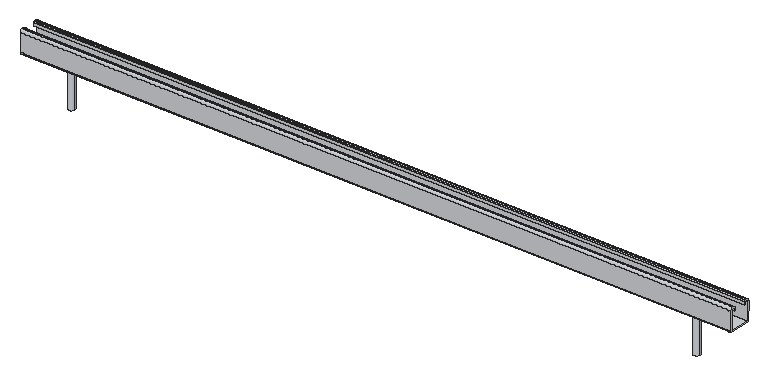
Revit family "Ceiling Strut Hanger", category Generic Models, Revit 2018
Family settings
  Can host rebar = No
  Round Connector Dimension = Use Diameter
  Part Type = Normal
  Work Plane-Based = Yes
  Always vertical = Yes
  Cut with Voids When Loaded = No
  Shared = Yes
  Room Calculation Point = No
Parameters (values of type "1-5/8" Strut w/ 1/2" Rod")
  Y Origin [instance] = 0' - 4"
  Length [instance] = 4' - 0"
  Inside Rod Gap [instance] = 0' - 3"
  Extra Outside Strut Length [instance] = 0' - 3"
  Rod Length [instance] = 0' - 3"
  Default Elevation = 4' - 0"
Reference planes (in)
  plane 1 "Center (Front/Back)": y = 0
  plane 2: z = 0
  plane 3 "Center (Left/Right)": x = 0
  plane 4: x = -24
  plane 5: x = 24
  plane 6: x = -27
  plane 7: x = 27
  plane 8 "X-Origin": x = -20.5
  plane 9: x = -23.5
  plane 10: z = -4
  plane 11: z = -5.4637
  plane 12: z = -8.4637
  plane 13: x = -23.75
  plane 14: x = 23.75
Forms (in)
  Extrusion 1, solid
    sketch origin (-23.75, 12.68181, -36) x (1, 0, 0) y (0, 1, 0)
      loop
        circle (0, -12.68181) r 0.25
    from 27.5363 to 30.5363
  Extrusion 2, solid
    sketch origin (23.75, 12.68181, -36) x (-1, 0, 0) y (0, -1, 0)
      loop
        circle (0, 12.68181) r 0.25
    from 27.5363 to 30.5363
Dimensions and locks (in)
  "Extra Outside Strut Length": plane 6 to plane 4
  "Extra Outside Strut Length": plane 5 to plane 7
  equal spacing: plane 6, plane 3 "Center (Left/Right)", plane 7
  "Length": plane 4 to plane 5
  "Inside Rod Gap": plane 9 to plane 8 "X-Origin"
  "Y Origin": plane 2 to plane 10
  locked: plane 4 to plane 9 at 0.5
  "Rod Length": plane 11 to plane 12
  locked: plane 10 to plane 11 at 1.4637
  equal spacing: plane 4, plane 13, plane 9, locked at 0.25 each
  locked: plane 14 to plane 5 at 0.25
  aligned and locked: plane 2 to level
  aligned and locked: plane 1 "Center (Front/Back)" to nested 1
  aligned and locked: plane 6 to nested 1
  aligned and locked: nested 1 to plane 7
  aligned and locked: nested 1 to plane 10
  aligned and locked: plane 11 to nested 1
  aligned and locked: Extrusion 2 to plane 11
  aligned and locked: Extrusion 1 to plane 11
  aligned and locked: plane 12 to Extrusion 2
  aligned and locked: plane 12 to Extrusion 1
  aligned and locked: plane 1 "Center (Front/Back)" to nested 2
  aligned and locked: nested 2 to plane 13
  aligned and locked: nested 3 to plane 14
  aligned and locked: plane 1 "Center (Front/Back)" to nested 3
Automatic sketch dimensions
  plane 1 "Center (Front/Back)" to Extrusion 1 sketch curve = 0' - 0"
  plane 4 to Extrusion 1 sketch curve = 0' - 0 1/4"
  plane 1 "Center (Front/Back)" to Extrusion 2 sketch curve = 0' - 0"
  plane 5 to Extrusion 2 sketch curve = 0' - 0 1/4"
  radius of Extrusion 1 sketch curve = 0' - 0 1/4"
  radius of Extrusion 2 sketch curve = 0' - 0 1/4"
Nested families (in)
  nested 1: "'17 - 1.625 Inch Unistrut Facing Up" at (0, 0, -5.5262), type "'17 - 1.625 Inch Unistrut Facing Up"
    with Length 4' - 6"
  nested 2: "Hanger_Anchor_Pt_Generic_Base_Family" at (-23.75, 0, 0), type "Hanger_Anchor_Pt_Generic_Base_Family"
    with Radius 0' - 0 11/32"
  nested 3: "Hanger_Anchor_Pt_Generic_Base_Family" at (23.75, 0, 0), type "Hanger_Anchor_Pt_Generic_Base_Family"
    with Radius 0' - 0 11/32"
Definition of nested family "'17 - 1.625 Inch Unistrut Facing Up"
  Parameters (values of type "'17 - 1.625 Inch Unistrut Facing Up")
    Length [instance] = 6' - 0"
  Reference planes (in)
    plane 1 "Center (Front/Back)": y = 0
    plane 2: z = 0
    plane 3 "Center (Left/Right)": x = 0
    plane 4: x = -36
    plane 5: x = 36
  Forms (in)
    Extrusion 1, solid
      sketch origin (0, 0, 0) x (0, 1, 0) y (0, 0, 1)
        loop
          arc (-0.8125, 0.03125) -> (-0.80335, 0.00915) -> (-0.78125, 0) r 0.03125
          line (-0.78125, 0) -> (0.78125, 0)
          arc (0.78125, 0) -> (0.80335, 0.00915) -> (0.8125, 0.03125) r 0.03125
          line (0.8125, 0.03125) -> (0.8125, 1.44442)
          arc (0.8125, 1.44442) -> (0.75715, 1.57458) -> (0.625, 1.625) r 0.1807
          arc (0.625, 1.625) -> (0.56959, 1.61962) -> (0.5152, 1.60774) r 0.47073
          arc (0.5152, 1.60774) -> (0.46967, 1.58399) -> (0.4375, 1.54396) r 0.12524
          line (0.4375, 1.54396) -> (0.4375, 1.34375) -> (0.5, 1.34375) -> (0.5, 1.5262)
          arc (0.5, 1.5262) -> (0.51438, 1.53942) -> (0.53213, 1.54757) r 0.06274
          arc (0.53213, 1.54757) -> (0.5793, 1.55788) -> (0.62735, 1.56254) r 0.40823
          arc (0.62735, 1.56254) -> (0.71379, 1.52956) -> (0.75, 1.44442) r 0.1182
          line (0.75, 1.44442) -> (0.75, 0.0625) -> (-0.75, 0.0625) -> (-0.75, 1.44442)
          arc (-0.75, 1.44442) -> (-0.71379, 1.52956) -> (-0.62735, 1.56254) r 0.1182
          arc (-0.62735, 1.56254) -> (-0.5793, 1.55788) -> (-0.53213, 1.54757) r 0.40823
          arc (-0.53213, 1.54757) -> (-0.51438, 1.53942) -> (-0.5, 1.5262) r 0.06274
          line (-0.5, 1.5262) -> (-0.5, 1.34375) -> (-0.4375, 1.34375) -> (-0.4375, 1.54396)
          arc (-0.4375, 1.54396) -> (-0.46967, 1.58399) -> (-0.5152, 1.60774) r 0.12524
          arc (-0.5152, 1.60774) -> (-0.56959, 1.61962) -> (-0.625, 1.625) r 0.47073
          arc (-0.625, 1.625) -> (-0.75715, 1.57458) -> (-0.8125, 1.44442) r 0.1807
          line (-0.8125, 1.44442) -> (-0.8125, 0.03125)
      from -36 to 36
  Dimensions and locks (in)
    equal spacing: plane 4, plane 3 "Center (Left/Right)", plane 5
    "Length": plane 4 to plane 5
    aligned and locked: level to plane 2
    aligned and locked: Extrusion 1 to plane 4
    aligned and locked: plane 5 to Extrusion 1
  Automatic sketch dimensions
    Extrusion 1 sketch curve to Extrusion 1 sketch curve = 0' - 0"  (x16)
    Extrusion 1 sketch curve to level = 0' - 0"
    plane 1 "Center (Front/Back)" to Extrusion 1 sketch curve = 0' - 0 13/16"
    level to Extrusion 1 sketch curve = 0' - 0 1/32"
    Extrusion 1 sketch curve to Extrusion 1 sketch curve = 0' - 0 1/32"  (x2)
    Extrusion 1 sketch curve to Extrusion 1 sketch curve = 0' - 0.10729"
    Extrusion 1 sketch curve to Extrusion 1 sketch curve = 0' - 0.1182"
    Extrusion 1 sketch curve to Extrusion 1 sketch curve = 0' - 0.08267"  (x2)
    Extrusion 1 sketch curve to Extrusion 1 sketch curve = 0' - 0.04913"  (x2)
    Extrusion 1 sketch curve to Extrusion 1 sketch curve = 0' - 0 1/16"  (x3)
    Extrusion 1 sketch curve to plane 1 "Center (Front/Back)" = 0' - 0 7/16"
    Extrusion 1 sketch curve to Extrusion 1 sketch curve = 0' - 0.14271"
    level to Extrusion 1 sketch curve = 0' - 0 1/16"
    Extrusion 1 sketch curve to plane 1 "Center (Front/Back)" = 0' - 0 3/4"
    Extrusion 1 sketch curve to Extrusion 1 sketch curve = 0' - 1.0921"  (x2)
    Extrusion 1 sketch curve to Extrusion 1 sketch curve = 0' - 0.18915"  (x2)
    Extrusion 1 sketch curve to Extrusion 1 sketch curve = 0' - 0.10067"  (x2)
    Extrusion 1 sketch curve to Extrusion 1 sketch curve = 0' - 0.04275"  (x2)
    Extrusion 1 sketch curve to Extrusion 1 sketch curve = 0' - 0.03902"  (x2)
    Extrusion 1 sketch curve to Extrusion 1 sketch curve = 0' - 0.01776"  (x2)
Definition of nested family "Hanger_Anchor_Pt_Generic_Base_Family"
  Parameters (values of type "Hanger_Anchor_Pt_Generic_Base_Family")
    Radius [instance] = 0' - 0 11/32"  # constant formula
  Reference planes (in)
    plane 1 "Center (Front/Back)": y = 0
    plane 2: z = 0
    plane 3 "Center (Left/Right)": x = 0
  Forms (in)
    Revolve 1, solid, not visible
      sketch origin (0, 0, 0) x (1, 0, 0) y (0, 0, 1)
        loop
          arc (0, 0.34375) -> (-0.34375, 0) -> (0, -0.34375) r 0.34375
          line (0, -0.34375) -> (0, 0.34375)
        axis (0, -0.34375) -> (0, 0.34375)
      angle from 0 to 360
  Lines and regions (in)
    symbolic lines
      curve 1: line (-3.00347, 0, 0) -> (2.99653, 0, 0)
      curve 2: line (0, 3, 0) -> (0, -3, 0)
      curve 3: circle (-0.00347, 0, 0) r 3 normal (0, 0, 1)
  Dimensions and locks (in)
    "Radius": radius of Revolve 1 sketch curve
    aligned and locked: plane 2 to level
  Automatic sketch dimensions
    plane 1 "Center (Front/Back)" to curve 1 = 0' - 0"
    plane 1 "Center (Front/Back)" to curve 3 = 0' - 0"
    curve 2 to plane 3 "Center (Left/Right)" = 0' - 0"
    curve 3 to plane 3 "Center (Left/Right)" = 0' - 0.00347"
    plane 1 "Center (Front/Back)" to curve 2 = 0' - 3"
    Revolve 1 sketch curve to plane 3 "Center (Left/Right)" = 0' - 0"
    plane 3 "Center (Left/Right)" to Revolve 1 sketch curve = 0' - 0"
    Revolve 1 sketch curve to level = 0' - 0"
    Revolve 1 sketch curve to Revolve 1 sketch curve = 1' - 11.6574"
    Revolve 1 sketch curve to Revolve 1 sketch curve = 8' - 6.37622"
